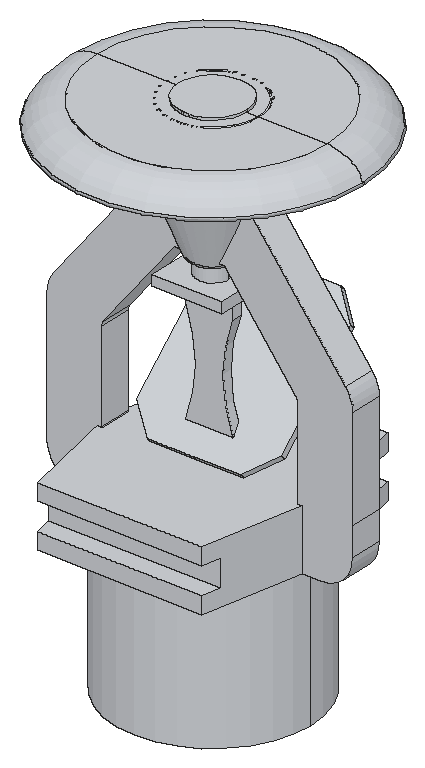
Revit family
Parameters (values of type "RASCO JL112 UPRIGHT")
  Temperature Rating = 212 °F
  Response = 1
  RASCO SIN # = "R7326"
  RASCO Part # = "JL112U2B"
  Pressure Rating = "175 PSI"
  Pressure Class = (empty or 0)
  Orifice Size = 3/4"
  Orifice = (empty or 0)
  Model = "JL112"
  Manufacturer = "RASCO"
  K-Factor = 11.2
  Description = "BRONZE FINISH"
  Coverage = (empty or 0)
Reference planes (in)
  plane 1 "Center (Front/Back)": y = 0
  plane 2: z = 0
  plane 3 "Center (Left/Right)": x = 0
Nested families (in)
  nested 1: "JL112U2B" at (0, 0, 0), type "RASCO JL112 UPRIGHT"
Connectors (in)
  piping at (0, 0, 0)
    settings: on nested 1, index 1, connector radius 1/2", flow factor 0, pipe flow 0 GPM, pressure drop 0.00 psi, fitting loss kfactor 0, connector angle 0.00°, fixture units 0, flow configuration 0, flow direction 0, fitting loss method 0, system type 7, connector reference index -1, connector utility 0, adjustable connector no, is connector primary yes, fitting loss table "", connector description ""
Definition of nested family "JL112U2B"
  Parameters (values of type "RASCO JL112 UPRIGHT")
    Type Comments = ""
    Temperature Rating = 0 °F
    Response = (empty or 0)
    Pressure Rating = "0"
    Pressure Class = (empty or 0)
    Orifice Size = 0"
    Orifice = (empty or 0)
    Model = ""
    Manufacturer = ""
    K-Factor = 0
    Description = ""
    Coverage = (empty or 0)
    Assembly Code = ""
  Reference planes (in)
    plane 1 "Center (Front/Back)": y = 0
    plane 2: z = 0
    plane 3 "REF.1": z = 0.773
    plane 4 "top": z = 2.8125
    plane 5: x = -0.81624
    plane 6: x = 0.81332
    plane 7 "ref.2": z = 2.098
    plane 8 "head": z = 2.6725
    plane 9 "left/right center": x = 0
    plane 10 "screw": z = 1.98251
    plane 11 "link2": through (0, -0.02489, 1.21079) normal (0, 0.6767, -0.7363)
  Forms (in)
    Extrusion 1, solid
      sketch origin (0, 0, 0) x (1, 0, 0) y (0, 1, 0)
        loop
          circle (0, 0) r 0.5221
      from 0 to 0.773
    Extrusion 2, solid
      sketch origin (0, 0, 0.773) x (-1, 0, 0) y (0, -1, 0)
        loop
          line (-0.43619, -0.62052) -> (0.4375, -0.62052) -> (0.56391, 0) -> (0.4375, 0.62052) -> (-0.43619, 0.62052) -> (-0.56259, 0) -> (-0.43619, -0.62052)
      from 0 to 0.325
    Extrusion 3, void
      sketch origin (0, 0, 0) x (1, 0, 0) y (0, 0, 1)
        loop
          line (-0.56391, 1.00774) -> (-0.56391, 0.86298) -> (0.56259, 0.86298) -> (0.56259, 1.00774) -> (-0.56391, 1.00774)
      from 0.52148 to 0.62052
    Extrusion 4, solid
      sketch origin (0, 0, 0) x (1, 0, 0) y (0, 0, 1)
        loop
          line (-0.5221, 0.773) -> (-0.5221, 1.098) -> (-0.5221, 1.58091)
          arc (-0.5221, 1.58091) -> (-0.5194, 1.59708) -> (-0.51161, 1.61149) r 0.04979
          line (-0.51161, 1.61149) -> (-0.13316, 2.098) -> (-0.00066, 2.098) -> (0.13184, 2.098) -> (0.5115, 1.61158)
          arc (0.5115, 1.61158) -> (0.51938, 1.59706) -> (0.5221, 1.58077) r 0.05007
          line (0.5221, 1.58077) -> (0.5221, 1.098) -> (0.5221, 0.773) -> (0.64763, 0.773)
          arc (0.64763, 0.773) -> (0.76676, 0.82234) -> (0.8161, 0.94147) r 0.16847
          line (0.8161, 0.94147) -> (0.8161, 1.098) -> (0.8161, 1.63725)
          arc (0.8161, 1.63725) -> (0.80631, 1.69579) -> (0.77801, 1.74796) r 0.17993
          line (0.77801, 1.74796) -> (0.18552, 2.50706) -> (-0.18743, 2.50706) -> (-0.77818, 1.74764)
          arc (-0.77818, 1.74764) -> (-0.80636, 1.69554) -> (-0.8161, 1.63712) r 0.18
          line (-0.8161, 1.63712) -> (-0.8161, 1.098) -> (-0.8161, 0.94094)
          arc (-0.8161, 0.94094) -> (-0.76691, 0.82219) -> (-0.64816, 0.773) r 0.16794
          line (-0.64816, 0.773) -> (-0.5221, 0.773)
      from -0.08649 to 0.08732
    Extrusion 5, void
      sketch origin (0.00728, 1.142, 0) x (1, 0, 0) y (0, 0, 1)
        loop
          line (-0.56391, 1.00774) -> (-0.56391, 0.86298) -> (0.56259, 0.86298) -> (0.56259, 1.00774) -> (-0.56391, 1.00774)
      from 0.52148 to 0.62052
    Revolve 6, solid
      sketch origin (0, 0, 0) x (1, 0, 0) y (0, 0, 1)
        loop
          line (-0.00066, 2.8125) -> (-0.24139, 2.8125)
          arc (-0.24139, 2.8125) -> (-0.25522, 2.80677) -> (-0.26095, 2.79293) r 0.01957
          line (-0.26095, 2.79293) -> (-0.26095, 2.42899)
          arc (-0.26095, 2.42899) -> (-0.25939, 2.41285) -> (-0.25476, 2.3973) r 0.08419
          line (-0.25476, 2.3973) -> (-0.12582, 2.07995)
          arc (-0.12582, 2.07995) -> (-0.11591, 2.06775) -> (-0.10088, 2.06316) r 0.02692
          line (-0.10088, 2.06316) -> (-0.00066, 2.06316) -> (-0.00066, 2.8125)
        axis (-0.00066, 2.8125) -> (-0.00066, 2.06316)
      angle from 0 to 360
    Revolve 7, solid
      sketch origin (0, 0, 0) x (1, 0, 0) y (0, 0, 1)
        loop
          line (-0.00095, 2.8125) -> (-0.61569, 2.8125)
          arc (-0.61569, 2.8125) -> (-0.72648, 2.78068) -> (-0.8035, 2.69491) r 0.20878
          arc (-0.8035, 2.69491) -> (-0.8027, 2.68003) -> (-0.78967, 2.67281) r 0.01538
          line (-0.78967, 2.67281) -> (-0.00095, 2.67281) -> (-0.00095, 2.8125)
        axis (-0.00095, 2.8125) -> (-0.00095, 2.67281)
      angle from 0 to 360
    Extrusion 8, solid
      sketch origin (0, 0, 2.8125) x (-1, 0, 0) y (0, -1, 0)
        loop
          circle (0.00095, 0) r 0.18173
      from 0 to 0.01153
    Extrusion 9, solid
      sketch origin (0, 0, 0) x (1, 0, 0) y (0, 0, 1)
        loop
          line (-0.00066, 1.098) -> (0.12634, 1.098) -> (0.12634, 1.25094)
          arc (0.12634, 1.25094) -> (0.07205, 1.52876) -> (0.12634, 1.80659) r 0.738
          line (0.12634, 1.80659) -> (0.12634, 1.9285) -> (-0.12716, 1.9285) -> (-0.12716, 1.80659)
          arc (-0.12716, 1.80659) -> (-0.07288, 1.52876) -> (-0.12716, 1.25094) r 0.73821
          line (-0.12716, 1.25094) -> (-0.12716, 1.098) -> (-0.00066, 1.098)
      from -0.02698 to 0.02489
    Extrusion 10, solid
      sketch origin (0, 0, 0) x (0, 0, -1) y (0, -1, 0)
        loop
          line (-1.92851, 0.17394) -> (-1.98251, 0.17394) -> (-1.98251, -0.23992)
          arc (-1.98251, -0.23992) -> (-1.96437, -0.3088) -> (-1.91467, -0.35983) r 0.13989
          line (-1.91467, -0.35983) -> (-1.70246, -0.48734)
          arc (-1.70246, -0.48734) -> (-1.69224, -0.50115) -> (-1.69478, -0.51815) r 0.02246
          line (-1.69478, -0.51815) -> (-1.72641, -0.57081) -> (-1.68013, -0.59862) -> (-1.63469, -0.52299)
          arc (-1.63469, -0.52299) -> (-1.62907, -0.4854) -> (-1.65167, -0.45485) r 0.04966
          line (-1.65167, -0.45485) -> (-1.89842, -0.30659)
          arc (-1.89842, -0.30659) -> (-1.92047, -0.28396) -> (-1.92851, -0.25341) r 0.06204
          line (-1.92851, -0.25341) -> (-1.92851, 0.17394)
      from -0.18664 to 0.18723
    Extrusion 11, solid
      sketch origin (0, 0, 1.98251) x (-1, 0, 0) y (0, -1, 0)
        loop
          circle (0, 0) r 0.087
      from 0 to 0.0806
    Extrusion 12, solid
      sketch origin (0, -0.61464, 0.66881) x (0, -0.736298, -0.676658) y (-1, 0, 0)
        loop
          line (-0.69009, 0.00066) -> (-0.69009, 0.24966) -> (-0.83009, 0.38966) -> (-1.45483, 0.38966) -> (-1.59483, 0.24966) -> (-1.59483, -0.24834) -> (-1.45483, -0.38834) -> (-0.83009, -0.38834) -> (-0.69009, -0.24834) -> (-0.69009, 0.00066)
      from -0.02887 to 0
  Cuts and joins
    Extrusion 3, Extrusion 5 cuts Extrusion 2
  Dimensions and locks (in)
    plane 4 "top" to level = 0' - 2 13/16"
